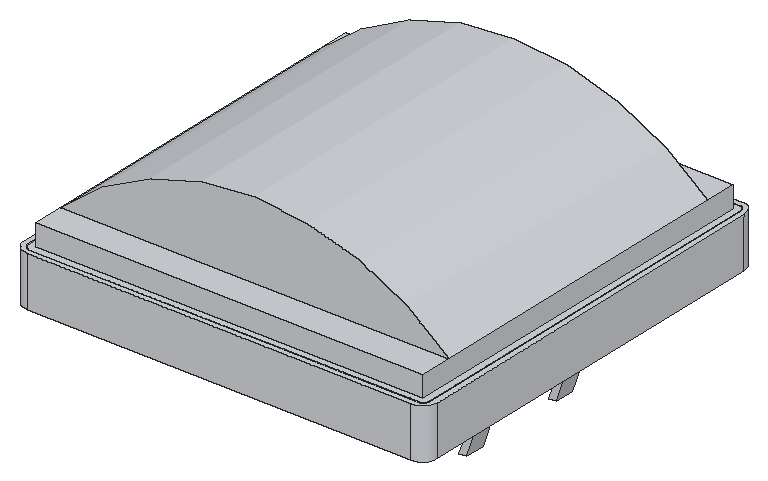
Revit family "Gira_537427", category Electrical Fixtures, host Face, Revit 2017
Family settings
  Host = Face
  Maintain Annotation Orientation = Yes
  Round Connector Dimension = Use Diameter
  Part Type = Normal
  Cut with Voids When Loaded = No
  Shared = No
  Room Calculation Point = No
Parameters (values of type "S3000 motion detec.top 1.10 m Komfort BT System 55 p.white m")
  URL = "http://katalog.gira.de/en/datenblatt.html?artikelnr=537427"
  Name = "S3000 motion detec.top 1.10 m Komfort BT System 55 p.white m"
  Model = "Movement sensor"
  Manufacturer URL = "https://www.gira.de/"
  Manufacturer = "Gira"
  Keynote = ""
  HeinzeBIM = "https://bimportal.heinze.de/bim/s3000-motion-detec-top-1-10-m-komfort-bt-system-55-p-white-m/6b08c9b3139eff4e4062006081c45c3cd20a9d24"
  HAN = "537427"
  GTIN = "4010337049517"
  Description = "S3000 mot.det.top 1.10m Kmf BT Sys55 PWm,System 3000 motion detector top unit 1.10 m Komfort BT,System 55,pure white matt,Features:,- Automatic switching of lighting, depending on the movement of heat and ambient brightness.,- Operation with System 3000 switching or dimming insert or 3-wire auxiliary insert.,- Expansion of the detection range in combination with the 3-wire auxiliary insert.,- When connecting a System 3000 auxiliary insert with an operating top unit or mechanical button to the main unit, the lighting can be switched on or dimmed for the duration of the delay time.,- Device facilitates manual switchover between automatic, always-on and always-off.,With System 3000 switching insert:,- Short-term operation,With System 3000 dimming insert:,- Switch on with the last brightness set, or a saved switch-on brightness.,- The switch-on brightness can only be saved permanently via the System 3000 auxiliary insert with operating top unit.,Functions with the Gira Bluetooth app:,- Set the brightness threshold.,- Individually adjustable sensitivity of the two sensors (0, 25, 50, 75, 100 %).,- Set the delay time.,- Override functions: Automatic mode, permanently on off, time-limited on off for 0.5 to 5 hours.,- Occupied-home simulation.,- Switch-off pre-warning.,- Day mode.,- Walking test.,- Switch on with the last brightness set, or a saved switch-on brightness in combination with a dimming insert.,,Notes :,- The detection range is aligned horizontally and when used outdoors may fail to identify a boundary. When installing outdoors, find an appropriate location or use the 2.20 m motion detector top unit."
  Default Elevation = 1219.2 mm
  Data sheet (1) = "https://katalog.gira.de/en/download.html?artikelnr=537427"
  Category = "Sensor element for movement sensor"
  BIM (1) = "https://media.stage.bim.site/public/gira/36a6b08/Bewegungsmelder_1,10m.rfa"
  Available = "No"
Reference planes
  plane 1 "Center (Front/Back)": y = 0
  plane 2: z = 0
  plane 3 "Center (Left/Right)": x = 0
Forms (mm)
  Extrusion 1, solid, detail levels fine
    sketch origin (0, 0, 0) x (1, 0, 0) y (0, 0, 1)
      loop
        line (-33.025, 12.126) -> (33.025, 12.126)
        arc (33.025, 12.126) -> (0, 25.3) -> (-33.025, 12.126) r 47.982
    from -27.6 to 27.6
  Extrusion 2, solid, detail levels fine
    sketch origin (0, 0, 0) x (1, 0, 0) y (0, 1, 0)
      loop
        line (33.025, 33.025) -> (-33.025, 33.025) -> (-33.025, -33.025) -> (33.025, -33.025) -> (33.025, 33.025)
    from 8.55 to 12.126
  Extrusion 3, solid, detail levels fine
    sketch origin (0, 0, 0) x (1, 0, 0) y (0, 1, 0)
      loop
        spline (-32.7, 35.2) -> (-33.027, 35.179) -> (-33.347, 35.115) -> (-33.657, 35.01) -> (-33.95, 34.865) -> (-34.222, 34.683) -> (-34.468, 34.468) -> (-34.683, 34.222) -> (-34.865, 33.95) -> (-35.01, 33.657) -> (-35.115, 33.347) -> (-35.179, 33.027) -> (-35.2, 32.7)
        line (-35.2, 32.7) -> (-35.2, -32.7)
        spline (-35.2, -32.7) -> (-35.179, -33.027) -> (-35.115, -33.347) -> (-35.01, -33.657) -> (-34.865, -33.95) -> (-34.683, -34.222) -> (-34.468, -34.468) -> (-34.222, -34.683) -> (-33.95, -34.865) -> (-33.657, -35.01) -> (-33.347, -35.115) -> (-33.027, -35.179) -> (-32.7, -35.2)
        line (-32.7, -35.2) -> (32.7, -35.2)
        spline (32.7, -35.2) -> (33.027, -35.179) -> (33.347, -35.115) -> (33.657, -35.01) -> (33.95, -34.865) -> (34.222, -34.683) -> (34.468, -34.468) -> (34.683, -34.222) -> (34.865, -33.95) -> (35.01, -33.657) -> (35.115, -33.347) -> (35.179, -33.027) -> (35.2, -32.7)
        line (35.2, -32.7) -> (35.2, 32.7)
        spline (35.2, 32.7) -> (35.179, 33.027) -> (35.115, 33.347) -> (35.01, 33.657) -> (34.865, 33.95) -> (34.683, 34.222) -> (34.468, 34.468) -> (34.222, 34.683) -> (33.95, 34.865) -> (33.657, 35.01) -> (33.347, 35.115) -> (33.027, 35.179) -> (32.7, 35.2)
        line (32.7, 35.2) -> (-32.7, 35.2)
      loop
        line (-34.2, 33.2) -> (-34.2, -33.2)
        spline (-34.2, -33.2) -> (-34.191, -33.331) -> (-34.166, -33.459) -> (-34.124, -33.583) -> (-34.066, -33.7) -> (-33.993, -33.809) -> (-33.907, -33.907) -> (-33.809, -33.993) -> (-33.7, -34.066) -> (-33.583, -34.124) -> (-33.459, -34.166) -> (-33.331, -34.191) -> (-33.2, -34.2)
        line (-33.2, -34.2) -> (33.2, -34.2)
        spline (33.2, -34.2) -> (33.331, -34.191) -> (33.459, -34.166) -> (33.583, -34.124) -> (33.7, -34.066) -> (33.809, -33.993) -> (33.907, -33.907) -> (33.993, -33.809) -> (34.066, -33.7) -> (34.124, -33.583) -> (34.166, -33.459) -> (34.191, -33.331) -> (34.2, -33.2)
        line (34.2, -33.2) -> (34.2, 33.2)
        spline (34.2, 33.2) -> (34.191, 33.331) -> (34.166, 33.459) -> (34.124, 33.583) -> (34.066, 33.7) -> (33.993, 33.809) -> (33.907, 33.907) -> (33.809, 33.993) -> (33.7, 34.066) -> (33.583, 34.124) -> (33.459, 34.166) -> (33.331, 34.191) -> (33.2, 34.2)
        line (33.2, 34.2) -> (-33.2, 34.2)
        spline (-33.2, 34.2) -> (-33.331, 34.191) -> (-33.459, 34.166) -> (-33.583, 34.124) -> (-33.7, 34.066) -> (-33.809, 33.993) -> (-33.907, 33.907) -> (-33.993, 33.809) -> (-34.066, 33.7) -> (-34.124, 33.583) -> (-34.166, 33.459) -> (-34.191, 33.331) -> (-34.2, 33.2)
    from 0 to 8.55
  Extrusion 4, solid, detail levels fine
    sketch origin (0, 0, 0) x (1, 0, 0) y (0, 1, 0)
      loop
        line (-34.2, 33.2) -> (-34.2, -33.2)
        spline (-34.2, -33.2) -> (-34.191, -33.331) -> (-34.166, -33.459) -> (-34.124, -33.583) -> (-34.066, -33.7) -> (-33.993, -33.809) -> (-33.907, -33.907) -> (-33.809, -33.993) -> (-33.7, -34.066) -> (-33.583, -34.124) -> (-33.459, -34.166) -> (-33.331, -34.191) -> (-33.2, -34.2)
        line (-33.2, -34.2) -> (33.2, -34.2)
        spline (33.2, -34.2) -> (33.331, -34.191) -> (33.459, -34.166) -> (33.583, -34.124) -> (33.7, -34.066) -> (33.809, -33.993) -> (33.907, -33.907) -> (33.993, -33.809) -> (34.066, -33.7) -> (34.124, -33.583) -> (34.166, -33.459) -> (34.191, -33.331) -> (34.2, -33.2)
        line (34.2, -33.2) -> (34.2, 33.2)
        spline (34.2, 33.2) -> (34.191, 33.331) -> (34.166, 33.459) -> (34.124, 33.583) -> (34.066, 33.7) -> (33.993, 33.809) -> (33.907, 33.907) -> (33.809, 33.993) -> (33.7, 34.066) -> (33.583, 34.124) -> (33.459, 34.166) -> (33.331, 34.191) -> (33.2, 34.2)
        line (33.2, 34.2) -> (-33.2, 34.2)
        spline (-33.2, 34.2) -> (-33.331, 34.191) -> (-33.459, 34.166) -> (-33.583, 34.124) -> (-33.7, 34.066) -> (-33.809, 33.993) -> (-33.907, 33.907) -> (-33.993, 33.809) -> (-34.066, 33.7) -> (-34.124, 33.583) -> (-34.166, 33.459) -> (-34.191, 33.331) -> (-34.2, 33.2)
    from 6.175 to 8.55
  Extrusion 5, solid, detail levels fine
    sketch origin (0, 0, 0) x (1, 0, 0) y (0, 1, 0)
      loop
        spline (-27.7, -27.1) -> (-27.696, -27.165) -> (-27.683, -27.229) -> (-27.662, -27.291) -> (-27.633, -27.35) -> (-27.597, -27.404) -> (-27.554, -27.454) -> (-27.504, -27.497) -> (-27.45, -27.533) -> (-27.391, -27.562) -> (-27.329, -27.583) -> (-27.265, -27.596) -> (-27.2, -27.6)
        line (-27.2, -27.6) -> (27.2, -27.6)
        spline (27.2, -27.6) -> (27.265, -27.596) -> (27.329, -27.583) -> (27.391, -27.562) -> (27.45, -27.533) -> (27.504, -27.497) -> (27.554, -27.454) -> (27.597, -27.404) -> (27.633, -27.35) -> (27.662, -27.291) -> (27.683, -27.229) -> (27.696, -27.165) -> (27.7, -27.1)
        line (27.7, -27.1) -> (27.7, 27.1)
        spline (27.7, 27.1) -> (27.696, 27.165) -> (27.683, 27.229) -> (27.662, 27.291) -> (27.633, 27.35) -> (27.597, 27.404) -> (27.554, 27.454) -> (27.504, 27.497) -> (27.45, 27.533) -> (27.391, 27.562) -> (27.329, 27.583) -> (27.265, 27.596) -> (27.2, 27.6)
        line (27.2, 27.6) -> (-27.2, 27.6)
        spline (-27.2, 27.6) -> (-27.265, 27.596) -> (-27.329, 27.583) -> (-27.391, 27.562) -> (-27.45, 27.533) -> (-27.504, 27.497) -> (-27.554, 27.454) -> (-27.597, 27.404) -> (-27.633, 27.35) -> (-27.662, 27.291) -> (-27.683, 27.229) -> (-27.696, 27.165) -> (-27.7, 27.1)
        line (-27.7, 27.1) -> (-27.7, -27.1)
      loop
        line (26.9, 26.8) -> (-26.9, 26.8) -> (-26.9, -26.8) -> (26.9, -26.8) -> (26.9, 26.8)
    from 0 to 6.175
  Extrusion 6, solid, detail levels fine
    sketch origin (0, 0, 0) x (1, 0, 0) y (0, 1, 0)
      loop
        line (-15.4, -23.928) -> (15.4, -23.928)
        arc (15.4, -23.928) -> (21.43, -21.43) -> (23.928, -15.4) r 8.528
        line (23.928, -15.4) -> (23.928, 15.4)
        arc (23.928, 15.4) -> (21.43, 21.43) -> (15.4, 23.928) r 8.528
        line (15.4, 23.928) -> (-15.4, 23.928)
        arc (-15.4, 23.928) -> (-21.43, 21.43) -> (-23.928, 15.4) r 8.528
        line (-23.928, 15.4) -> (-23.928, -15.4)
        arc (-23.928, -15.4) -> (-21.43, -21.43) -> (-15.4, -23.928) r 8.528
    from -0.985 to 1.6
  Extrusion 7, solid, detail levels fine
    sketch origin (0, 0, 0) x (1, 0, 0) y (0, 1, 0)
      loop
        line (-26.35, 18.301) -> (-26.35, -18.801)
        spline (-26.35, -18.801) -> (-26.286, -19.78) -> (-26.095, -20.742) -> (-25.779, -21.671) -> (-25.345, -22.551) -> (-24.8, -23.366) -> (-24.154, -24.104) -> (-23.416, -24.75) -> (-22.601, -25.295) -> (-21.721, -25.729) -> (-20.792, -26.045) -> (-19.83, -26.236) -> (-18.851, -26.3)
        line (-18.851, -26.3) -> (18.851, -26.3)
        spline (18.851, -26.3) -> (19.83, -26.236) -> (20.792, -26.045) -> (21.721, -25.729) -> (22.601, -25.295) -> (23.416, -24.75) -> (24.154, -24.104) -> (24.8, -23.366) -> (25.345, -22.551) -> (25.779, -21.671) -> (26.094, -20.742) -> (26.286, -19.78) -> (26.35, -18.801)
        line (26.35, -18.801) -> (26.35, 18.301)
        spline (26.35, 18.301) -> (26.286, 19.28) -> (26.094, 20.242) -> (25.779, 21.171) -> (25.345, 22.051) -> (24.8, 22.866) -> (24.154, 23.604) -> (23.416, 24.25) -> (22.601, 24.795) -> (21.721, 25.229) -> (20.792, 25.545) -> (19.83, 25.736) -> (18.851, 25.8)
        line (18.851, 25.8) -> (-18.851, 25.8)
        spline (-18.851, 25.8) -> (-19.83, 25.736) -> (-20.792, 25.545) -> (-21.721, 25.229) -> (-22.601, 24.795) -> (-23.416, 24.25) -> (-24.154, 23.604) -> (-24.8, 22.866) -> (-25.345, 22.051) -> (-25.779, 21.171) -> (-26.095, 20.242) -> (-26.286, 19.28) -> (-26.35, 18.301)
    from 1.6 to 6.1
  Extrusion 8, solid, detail levels fine
    sketch origin (0, 0, 0) x (1, 0, 0) y (0, 0, 1)
      loop
        line (-23.048, -13.343) -> (-21.665, -13.513) -> (-24.338, -6.363) -> (-23.36, 1.6) -> (-25.023, 1.6) -> (-24.975, -1.121) -> (-25.39, -6.541) -> (-23.048, -13.343)
      loop
        line (23.048, -13.343) -> (25.39, -6.541) -> (24.975, -1.121) -> (25.023, 1.6) -> (23.36, 1.6) -> (24.338, -6.363) -> (21.665, -13.513) -> (23.048, -13.343)
    from 7.9 to 11.14
  Extrusion 9, solid, detail levels fine
    sketch origin (0, 0, 0) x (1, 0, 0) y (0, 0, -1)
      loop
        line (-23.048, 13.343) -> (-25.39, 6.541) -> (-24.975, 1.121) -> (-25.023, -1.6) -> (-23.36, -1.6) -> (-24.338, 6.363) -> (-21.665, 13.513) -> (-23.048, 13.343)
      loop
        line (23.048, 13.343) -> (21.665, 13.513) -> (24.338, 6.363) -> (23.36, -1.6) -> (25.023, -1.6) -> (24.975, 1.121) -> (25.39, 6.541) -> (23.048, 13.343)
    from 7.9 to 11.14
  Extrusion 10, solid, detail levels fine
    sketch origin (0, 0, 0) x (1, 0, 0) y (0, 1, 0)
      loop
        line (-5.141, 20.681) -> (-5.141, 15.099)
        spline (-5.141, 15.099) -> (-5.133, 14.968) -> (-5.107, 14.84) -> (-5.065, 14.716) -> (-5.007, 14.599) -> (-4.935, 14.49) -> (-4.849, 14.391) -> (-4.75, 14.305) -> (-4.641, 14.233) -> (-4.524, 14.175) -> (-4.4, 14.133) -> (-4.272, 14.107) -> (-4.141, 14.099)
        line (-4.141, 14.099) -> (4.141, 14.099)
        spline (4.141, 14.099) -> (4.272, 14.107) -> (4.4, 14.133) -> (4.524, 14.175) -> (4.641, 14.233) -> (4.75, 14.305) -> (4.849, 14.391) -> (4.935, 14.49) -> (5.007, 14.599) -> (5.065, 14.716) -> (5.107, 14.84) -> (5.133, 14.968) -> (5.141, 15.099)
        line (5.141, 15.099) -> (5.141, 20.681)
        spline (5.141, 20.681) -> (5.133, 20.812) -> (5.107, 20.94) -> (5.065, 21.064) -> (5.007, 21.181) -> (4.935, 21.29) -> (4.849, 21.389) -> (4.75, 21.475) -> (4.641, 21.547) -> (4.524, 21.605) -> (4.4, 21.647) -> (4.272, 21.673) -> (4.141, 21.681)
        line (4.141, 21.681) -> (-4.141, 21.681)
        spline (-4.141, 21.681) -> (-4.272, 21.673) -> (-4.4, 21.647) -> (-4.524, 21.605) -> (-4.641, 21.547) -> (-4.75, 21.475) -> (-4.849, 21.389) -> (-4.935, 21.29) -> (-5.007, 21.181) -> (-5.065, 21.064) -> (-5.107, 20.94) -> (-5.133, 20.812) -> (-5.141, 20.681)
    from -17.3 to -0.985
  Extrusion 11, solid, detail levels medium
    sketch origin (0, 0, 0) x (1, 0, 0) y (0, 1, 0)
      loop
        line (33.025, 33.025) -> (-33.025, 33.025) -> (-33.025, -33.025) -> (33.025, -33.025) -> (33.025, 33.025)
    from 8.55 to 25.3
  Extrusion 12, solid, detail levels medium
    sketch origin (0, 0, 0) x (1, 0, 0) y (0, 1, 0)
      loop
        line (-35.2, 35.2) -> (-35.2, -35.2) -> (35.2, -35.2) -> (35.2, 35.2) -> (-35.2, 35.2)
    from 0 to 8.55
  Extrusion 13, solid, detail levels medium
    sketch origin (0, 0, 0) x (1, 0, 0) y (0, 0, 1)
      loop
        line (-25.023, 1.6) -> (-25.023, -13.1) -> (-21.665, -13.513) -> (-21.665, 1.6) -> (-25.023, 1.6)
      loop
        line (25.023, 1.6) -> (21.665, 1.6) -> (21.665, -13.513) -> (25.023, -13.1) -> (25.023, 1.6)
    from 8 to 11.14
  Extrusion 14, solid, detail levels medium
    sketch origin (0, 0, 0) x (1, 0, 0) y (0, 0, -1)
      loop
        line (-25.023, -1.6) -> (-21.665, -1.6) -> (-21.665, 13.513) -> (-25.023, 13.1) -> (-25.023, -1.6)
      loop
        line (25.023, -1.6) -> (25.023, 13.1) -> (21.665, 13.513) -> (21.665, -1.6) -> (25.023, -1.6)
    from 8 to 11.14
  Extrusion 15, solid, detail levels medium
    sketch origin (0, 0, 0) x (1, 0, 0) y (0, 1, 0)
      loop
        line (-5.141, 21.681) -> (-5.141, 14.099) -> (5.141, 14.099) -> (5.141, 21.681) -> (-5.141, 21.681)
    from -17.3 to -0.985
  Extrusion 16, solid, detail levels coarse
    sketch origin (0, 0, 0) x (1, 0, 0) y (0, 1, 0)
      loop
        line (-35.2, 35.2) -> (-35.2, -35.2) -> (35.2, -35.2) -> (35.2, 35.2) -> (-35.2, 35.2)
    from -17.3 to 25.3
Dimensions and locks
  aligned and locked: plane 2 to host face
  aligned and locked: level to host face
  aligned and locked: nested 1 to plane 3 "Center (Left/Right)"
  aligned and locked: plane 1 "Center (Front/Back)" to nested 1
Nested families
  nested 1: "Belegungssensor - Bewegung - Aufputz - Beschriftung" at (0, 0, 0) x (0, -1, 0) z (0, 0, 1), type "Belegungssensor - Bewegung - Aufputz - Beschriftung"
Connectors
  electrical at (0, 0, -17.3)
    settings: on Extrusion 16, index 1, voltage 220 V, apparent load 0 VA, apparent load phase1 0 VA, apparent load phase2 0 VA, apparent load phase3 0 VA, power factor 1, load classification "Other", number of poles 1, system type 30, power factor state 1, is connector primary yes, connector utility no, sub classification motor no, connector description ""
Definition of nested family "Belegungssensor - Bewegung - Aufputz - Beschriftung"
  Reference planes
    plane 1: y = 0
    plane 2: x = 0
  Lines and regions (mm)
    Filled region 1, type "Gefüllter Bereich 1"
      outline origin (143.425, -20.712, 0) x (1, 0, 0) y (0, 1, 0)
        loop
          line (-148.697, 21.204) -> (-148.697, 20.409) -> (-147.583, 20.807) -> (-148.697, 21.204)
    Filled region 2, type "Gefüllter Bereich 1"
      outline origin (141.808, 30.001, 0) x (0.939693, 0.34202, 0) y (-0.34202, 0.939693, 0)
        loop
          line (-148.694, 21.203) -> (-148.694, 20.41) -> (-147.583, 20.807) -> (-148.694, 21.203)
    Filled region 3, type "Gefüllter Bereich 1"
      outline origin (141.819, -29.825, 0) x (-0.34202, -0.939693, 0) y (0.939693, -0.34202, 0)
        loop
          line (21.204, -148.697) -> (20.807, -147.583) -> (20.409, -148.697) -> (21.204, -148.697)
    detail lines
      curve 1: line (-1.207, 0.095, 0) -> (-3.486, 1.411, 0)
      curve 2: line (-1.207, 0.095, 0) -> (-3.486, -1.221, 0)
      curve 5: arc (-3.252, 1.752, 0) -> (-3.839, 0.095, 0) -> (-3.252, -1.562, 0) r 2.632
      curve 6: line (-6, 3, 0) -> (0, 3, 0)
      curve 7: line (-6, -3, 0) -> (-6, 3, 0)
      curve 8: line (0, -3, 0) -> (-6, -3, 0)
      curve 9: line (0, 3, 0) -> (0, -3, 0)
    reference lines
      curve 3: line (-1.207, 0.095, 0) -> (-3.616, 2.046, 0)
      curve 4: line (-1.207, 0.095, 0) -> (-3.616, -1.856, 0)
  Dimensions and locks
    curve 1 to curve 1 = 2.632 mm
    curve 2 to curve 2 = 2.632 mm
    curve 6 to curve 8 = 6 mm
    curve 7 to curve 9 = 6 mm
    angle curve 1 to curve 2 = 60.00°
    aligned and locked: curve 6 to curve 7
    aligned and locked: curve 9 to curve 9
